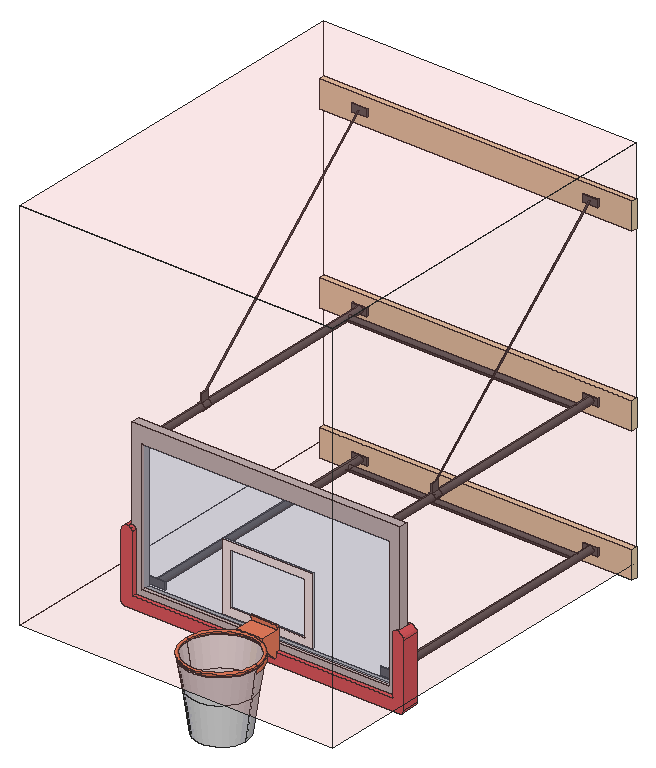
Revit family "Basketball_Backstop-Wall_Mount-Fold-IPIbyBison-IP12WF", category Specialty Equipment, Revit 2025
Family settings
  Round Connector Dimension = Use Diameter
  Part Type = Normal
  OmniClass Number = 23.40.50.34.14
  OmniClass Title = Gymnasium Equipment
  Work Plane-Based = Yes
  Enable Cutting in Views = No
  Always vertical = No
  Cut with Voids When Loaded = No
  Maintain Annotation Orientation = No
  Shared = No
  Room Calculation Point = No
Parameters (values of type "Wall Mounted Fold Up")
  wall distance text = "4 to 10 ft from Wall"
  Wall Plate Material = Wood - IPI by Bison
  Unit Width = 7' - 0"
  Unit Height [instance] = Stringer Height_First + 0' 2"  # 10' - 0"
  Unit Depth = 2' - 8"
  URL = "https://ipibybison.com/"
  Stringer Wood [instance] = Wood - IPI by Bison
  Stringer Height_Third [instance] = 4' - 0"
  Stringer Height_Second [instance] = 3' - 0"
  Stringer Height_First [instance] = 9' - 10"
  Specification = "https://www.arcat.com/company/ipi-by-bison-38554/spec"
  Rim Color [instance] = Plastic - IPI by Bison - Orange OR
  Range of Wall Distance [instance] = wall distance text  # "4 to 10 ft from Wall"
  Product Page URL = "https://www.arcat.com/arcatcos/cos38/arc38554.html"
  Net Color [instance] = Finish - IPI by Bison - White Netting
  Model = "IP12WF"
  Manufacturer = "IPI by Bison"
  Keynote = "11 66 00"
  Glass [instance] = Glass - IPI by Bison
  Frame Finish [instance] = Finish - IPI by Bison - Black
  Folding Clearance [instance] = ARCAT Clearance
  Description = "Basketball Frame and Backboard, Wall Mount"
  Default Elevation = 0' - 0"
  Copyright = "© 2023 ARCAT"  # constant formula
  Clearance Visible [instance] = yes
  CAD Details = "https://www.arcat.com/company/ipi-by-bison-38554/cad"
  Backboard Square Color [instance] = Finish - IPI by Bison - White
  Backboard Padding Color [instance] = Plastic - IPI by Bison - Scarlet SC
  Backboard Distance from Wall [instance] = 6' - 0"
  Backboard Color [instance] = Finish - IPI by Bison - Satin Aluminum
  Assembly Code = ""
Reference planes (in)
  plane 1 "Center (Front/Back)": y = 0
  plane 2 "Bottom": z = 0
  plane 3 "Center (Left/Right)": x = 0
  plane 4 "Left": x = -42
  plane 5 "Right": x = 42
  plane 6 "Top": z = 120
  plane 7: y = -72
  plane 8: y = -59.5813
  plane 9: z = 118
  plane 10: z = 154
  plane 11: z = 202
  plane 12: x = -31.00488
  plane 13: x = 31.00488
  plane 14: y = -69.5
  plane 15: y = -54
Forms (in)
  Extrusion 1, solid, material "Wood - IPI by Bison" <- "Stringer Wood"
    sketch origin (0, 0, 0) x (0, 1, 0) y (0, 0, 1)
      loop
        line (0, 198.375) -> (0, 205.625) -> (-1.5, 205.625) -> (-1.5, 198.375) -> (0, 198.375)
      loop
        line (0, 150.375) -> (0, 157.625) -> (-1.5, 157.625) -> (-1.5, 150.375) -> (0, 150.375)
      loop
        line (0, 114.375) -> (0, 121.625) -> (-1.5, 121.625) -> (-1.5, 114.375) -> (0, 114.375)
    from -42 to 42
  Extrusion 2, solid, material "Finish - IPI by Bison - Black" <- "Frame Finish"
    sketch origin (-31.00488, -180, 220.71867) x (0, 0, 1) y (0, -1, 0)
      loop
        line (-67.71867, -110.25) -> (-67.71867, -110.5) -> (-65.71867, -110.5) -> (-65.71867, -110.25) -> (-67.71867, -110.25)
      loop
        line (-101.71867, -110.25) -> (-103.71867, -110.25) -> (-103.71867, -110.5) -> (-101.71867, -110.5) -> (-101.71867, -110.25)
      loop
        line (-67.71867, -178.5) -> (-65.71867, -178.5) -> (-65.71867, -178.25) -> (-67.71867, -178.25) -> (-67.71867, -178.5)
      loop
        line (-103.71867, -178.5) -> (-101.71867, -178.5) -> (-101.71867, -178.25) -> (-103.71867, -178.25) -> (-103.71867, -178.5)
      loop
        line (-19.71867, -178.5) -> (-17.71867, -178.5) -> (-17.71867, -178.25) -> (-19.71867, -178.25) -> (-19.71867, -178.5)
    from 2 to -2
  Extrusion 3, solid, material "Finish - IPI by Bison - Black" <- "Frame Finish"
    sketch origin (31.00488, -180, 220.71867) x (0, 0, 1) y (0, -1, 0)
      loop
        line (-65.71867, -110.25) -> (-67.71867, -110.25) -> (-67.71867, -110.5) -> (-65.71867, -110.5) -> (-65.71867, -110.25)
      loop
        line (-103.71867, -110.25) -> (-103.71867, -110.5) -> (-101.71867, -110.5) -> (-101.71867, -110.25) -> (-103.71867, -110.25)
      loop
        line (-103.71867, -178.25) -> (-103.71867, -178.5) -> (-101.71867, -178.5) -> (-101.71867, -178.25) -> (-103.71867, -178.25)
      loop
        line (-67.71867, -178.25) -> (-67.71867, -178.5) -> (-65.71867, -178.5) -> (-65.71867, -178.25) -> (-67.71867, -178.25)
      loop
        line (-19.71867, -178.25) -> (-19.71867, -178.5) -> (-17.71867, -178.5) -> (-17.71867, -178.25) -> (-19.71867, -178.25)
    from 2 to -2
  Extrusion 4, solid, material "Finish - IPI by Bison - Black" <- "Frame Finish"
    sketch origin (31.00488, -1.75, 143) x (0, 0, 1) y (-1, 0, 0)
      loop
        circle (11, 62.00977) r 0.875
      loop
        circle (-25, 62.00977) r 0.875
      loop
        circle (11, 0) r 0.875
      loop
        circle (-25, 0) r 0.875
    from 0 to 67.75
  Extrusion 5, solid, material "Finish - IPI by Bison - Black" <- "Frame Finish"
    sketch origin (0, -54, 159.04229) x (0, 0, 1) y (1, 0, 0)
      loop
        line (-4.05404, 30.85203) -> (-1.80404, 30.85203) -> (-1.80404, 31.15773) -> (-4.05404, 31.15773)
        arc (-4.05404, 31.15773) -> (-6.04229, 31.00488) -> (-4.05404, 30.85203) r 1
      loop
        arc (-4.05404, -30.85203) -> (-6.04229, -31.00488) -> (-4.05404, -31.15773) r 1
        line (-4.05404, -31.15773) -> (-1.80404, -31.15773) -> (-1.80404, -30.85203) -> (-4.05404, -30.85203)
    from 1 to -1
  Sweep 6, solid, material "Finish - IPI by Bison - Black" <- "Frame Finish"
    path origin (0, 0, 0) x (0, 1, 0) y (0, 0, 1)
      loop
        line (-54, 156.75) -> (-2.09969, 202)
    profile origin (0, -28.04984, 179.375) x (0, -0.657165, 0.753747) y (1, 0, 0)
      loop
        circle (0, -31.00488) r 0.125
      loop
        circle (0, 31.00488) r 0.125
  Extrusion 7, solid, material "ARCAT Clearance" <- "Folding Clearance", visible <- "Clearance Visible"
    sketch origin (0, 0, 0) x (0, 1, 0) y (0, 0, 1)
      loop
        line (-102, 118) -> (0, 118) -> (0, 219) -> (-102, 219) -> (-102, 118)
    from -42 to 42
  Extrusion 8, solid, material "Finish - IPI by Bison - Black" <- "Frame Finish"
    sketch origin (0, 0, 0) x (0, 1, 0) y (0, 0, 1)
      loop
        circle (-6, 154) r 0.75
      loop
        circle (-6, 118) r 0.75
    from -31.00488 to 31.00488
Dimensions and locks (in)
  equal spacing: plane 4 "Left", plane 3 "Center (Left/Right)", plane 5 "Right"
  "Unit Width": plane 4 "Left" to plane 5 "Right"
  "Unit Height": plane 6 "Top" to level
  locked: plane 7 to plane 8 at 12.4187
  "Backboard Distance from Wall": plane 7 to plane 1 "Center (Front/Back)"
  "Stringer Height_First": plane 9 to level
  "Stringer Height_Second": plane 10 to plane 9
  "Stringer Height_Third": plane 11 to plane 10
  Extrusion 1 sketch curve to plane 9 to Extrusion 1 sketch curve = 0' - 3 5/8" locked, 0' - 3 5/8" locked
  Extrusion 1 sketch curve to plane 10 to Extrusion 1 sketch curve = 0' - 3 5/8" locked, 0' - 3 5/8" locked
  Extrusion 1 sketch curve to plane 11 to Extrusion 1 sketch curve = 0' - 3 5/8" locked, 0' - 3 5/8" locked
  Extrusion 2 sketch curve to plane 10 to Extrusion 2 sketch curve = 0' - 1" locked, 0' - 1" locked  (x2)
  plane 7 to Extrusion 2 sketch curve to Extrusion 2 sketch curve = 0' - 2 1/4" locked, 0' - 0 1/4" locked  (x2)
  Extrusion 2 sketch curve to plane 9 to Extrusion 2 sketch curve = 0' - 1" locked, 0' - 1" locked  (x2)
  Extrusion 2 sketch curve to plane 11 to Extrusion 2 sketch curve = 0' - 1" locked, 0' - 1" locked
  equal spacing: plane 13, plane 3 "Center (Left/Right)", plane 12
  locked: plane 13 to plane 12 at 62.00977
  locked: Extrusion 3 sketch curve to Extrusion 3 sketch curve at 0.25  (x5)
  Extrusion 3 sketch curve to plane 10 to Extrusion 3 sketch curve = 0' - 1" locked, 0' - 1" locked  (x2)
  Extrusion 3 sketch curve to plane 9 to Extrusion 3 sketch curve = 0' - 1" locked, 0' - 1" locked  (x2)
  locked: plane 7 to Extrusion 3 sketch curve at 2.25  (x2)
  Extrusion 3 sketch curve to plane 11 to Extrusion 3 sketch curve = 0' - 1" locked, 0' - 1" locked
  locked: Extrusion 4 sketch curve to plane 12
  locked: Extrusion 4 sketch curve to plane 10
  locked: plane 12 to Extrusion 4 sketch curve
  locked: plane 9 to Extrusion 4 sketch curve  (x2)
  locked: plane 13 to Extrusion 4 sketch curve
  locked: Extrusion 4 sketch curve to plane 13
  locked: plane 10 to Extrusion 4 sketch curve
  locked: plane 7 to plane 14 at 2.5
  locked: plane 7 to plane 15 at 18
  Extrusion 5 sketch curve to plane 13 to Extrusion 5 sketch curve to Extrusion 5 sketch curve = 0' - 0.15285" locked, 0' - 0" locked, 0' - 0.15285" locked
  Extrusion 5 sketch curve to plane 12 to Extrusion 5 sketch curve to Extrusion 5 sketch curve = 0' - 0.15285" locked, 0' - 0" locked, 0' - 0.15285" locked
  Extrusion 5 sketch curve to plane 10 to Extrusion 5 sketch curve = 0' - 3.23825" locked, 0' - 0" locked  (x2)
  locked: Sweep 6 sketch curve to plane 1 "Center (Front/Back)" at 2.09969
  locked: plane 11 to Sweep 6 sketch curve at 0
  locked: Sweep 6 sketch curve to plane 10 at 2.75
  locked: plane 15 to Sweep 6 sketch curve
  locked: Extrusion 3 sketch curve to plane 1 "Center (Front/Back)" at 1.5
  locked: Extrusion 7 sketch curve to plane 11 at 17
  locked: Extrusion 7 sketch curve to plane 7 at 30
  locked: Extrusion 8 sketch curve to plane 1 "Center (Front/Back)" at 6  (x2)
  locked: plane 10 to Extrusion 8 sketch curve at 0
  locked: plane 9 to Extrusion 8 sketch curve at 0
  aligned and locked: nested 1 to plane 8
  aligned and locked: Extrusion 1 to plane 4 "Left"
  aligned and locked: plane 5 "Right" to Extrusion 1
  aligned and locked: plane 14 to Extrusion 4
  aligned and locked: Extrusion 7 sketch curve to plane 9
  aligned and locked: plane 5 "Right" to Extrusion 7
  aligned and locked: Extrusion 7 to plane 4 "Left"
  aligned and locked: plane 13 to Extrusion 8
  aligned and locked: Extrusion 8 to plane 12
Automatic sketch dimensions
  Extrusion 5 sketch curve to Extrusion 5 sketch curve = 0' - 2 1/4"  (x2)
  Sweep 6 sketch curve to profile plane = 0' - 0"  (x2)
  Sweep 6 sketch curve to plane 3 "Center (Left/Right)" = 2' - 7.00488"
  plane 3 "Center (Left/Right)" to Sweep 6 sketch curve = 2' - 7.00488"
  Extrusion 1 sketch curve to plane 1 "Center (Front/Back)" = 0' - 0"  (x3)
  plane 1 "Center (Front/Back)" to Extrusion 1 sketch curve = 0' - 1 1/2"  (x3)
  plane 1 "Center (Front/Back)" to Extrusion 2 sketch curve = 0' - 1 3/4"  (x3)
  Extrusion 2 sketch curve to Extrusion 2 sketch curve = 0' - 0 1/4"  (x3)
  plane 1 "Center (Front/Back)" to Extrusion 3 sketch curve = 0' - 1 1/2"  (x2)
  Extrusion 7 sketch curve to plane 1 "Center (Front/Back)" = 0' - 0"
  radius of Sweep 6 sketch curve = 0' - 0 1/8"  (x2)
  radius of Extrusion 8 sketch curve = 0' - 0 3/4"  (x2)
  radius of Extrusion 4 sketch curve = 0' - 0 7/8"  (x4)
Nested families (in)
  nested 1: "Backboard_BA42XLGlass" at (0, -59.5813, 120) x (-1, 0, 0) z (0, 0, 1), backboard color <- "Backboard Color", backboard square color <- "Backboard Square Color", glass <- "Glass", rim finish <- "Rim Color", net color <- "Net Color", height offset <- "Unit Height", padding color <- "Backboard Padding Color", type "Backboard_BA42XLGlass"
    with rim finish Plastic - IPI by Bison - Orange OR, padding color Plastic - IPI by Bison - Scarlet SC, net color Finish - IPI by Bison - White Netting, height offset 10' - 0", glass Glass - IPI by Bison, frame finish none, backboard square color Finish - IPI by Bison - White, backboard color Finish - IPI by Bison - Satin Aluminum
Definition of nested family "Backboard_BA42XLGlass"
  Parameters (values of type "Backboard_BA42XLGlass")
    padding color [instance] = none
    net color [instance] = none
    rim finish [instance] = none
    height offset [instance] = 9' - 6"
    glass [instance] = none
    frame finish [instance] = none
    backboard square color [instance] = none
    backboard color [instance] = none
    Default Elevation = 4' - 0"
  Reference planes (in)
    plane 1 "Center (Front/Back)": y = 0
    plane 2: z = 0
    plane 3 "Center (Left/Right)": x = 0
    plane 4: z = -114
  Forms (in)
    Extrusion 1, solid, material <- "backboard color"
      sketch origin (-8.43545, 11.2937, 28.94441) x (1, 0, 0) y (0, 0, 1)
        loop
          line (-27.56455, 6.99989) -> (-27.56455, -35.00011) -> (44.43545, -35.00011) -> (44.43545, 6.99989) -> (-27.56455, 6.99989)
        loop
          line (41.81045, 2.74989) -> (-24.93955, 2.74989) -> (-24.93955, -32.37511) -> (41.81045, -32.37511) -> (41.81045, 2.74989)
      from 1.125 to -1.125
    Extrusion 2, solid, material <- "padding color"
      sketch origin (-8.43545, 11.2937, 29.06941) x (1, 0, 0) y (0, 0, 1)
        loop
          line (-27.55038, -17.62511) -> (-27.80038, -17.62511)
          arc (-27.80038, -17.62511) -> (-29.03781, -18.13767) -> (-29.55038, -19.37511) r 1.75
          line (-29.55038, -19.37511) -> (-29.55038, -36.12511)
          arc (-29.55038, -36.12511) -> (-29.25748, -36.83222) -> (-28.55038, -37.12511) r 1
          line (-28.55038, -37.12511) -> (45.44962, -37.12511)
          arc (45.44962, -37.12511) -> (46.15673, -36.83222) -> (46.44962, -36.12511) r 1
          line (46.44962, -36.12511) -> (46.44962, -19.37511)
          arc (46.44962, -19.37511) -> (45.93706, -18.13767) -> (44.69962, -17.62511) r 1.75
          line (44.69962, -17.62511) -> (44.42127, -17.62511)
          arc (44.42127, -17.62511) -> (43.71416, -17.918) -> (43.42127, -18.62511) r 1
          line (43.42127, -18.62511) -> (43.42127, -33.98376) -> (-26.55038, -33.98376) -> (-26.55038, -18.62511)
          arc (-26.55038, -18.62511) -> (-26.84327, -17.918) -> (-27.55038, -17.62511) r 1
      from -2.18697 to 2.14819
    Revolve 3, solid, material <- "net color"
      sketch origin (-8.43545, 27.4812, 28.93687) x (1, 0, 0) y (0, 0, 1)
        loop
          circle (-0.85808, -29.24642) r 0.3125
        loop
          line (-1.03195, -29.9762) -> (0.27041, -37.36226) -> (1.80132, -48.25521) -> (2.05377, -48.25521) -> (0.51737, -37.32314) -> (-0.77809, -29.9762) -> (-1.03195, -29.9762)
        axis (8.43545, -48.25521) -> (8.43545, -29.24642)
      angle from 0 to 360
    Revolve 4, solid, material <- "rim finish"
      sketch origin (0.02792, 11.2937, 0) x (0, 1, 0) y (0, 0, 1)
        loop
          line (6.79001, -0.625) -> (6.54001, -0.625) -> (6.54001, -2.125) -> (6.79001, -2.125) -> (6.79001, -0.625)
        axis (16.04001, -2.125) -> (16.04001, -0.625)
      angle from -90 to 90
    Extrusion 5, solid, material <- "rim finish"
      sketch origin (0, 0, 0) x (0, 1, 0) y (0, 0, 1)
        loop
          line (17.69724, 0) -> (12.8212, 0) -> (13.12361, 1.21287) -> (12.79369, 1.29513) -> (12.47078, 0) -> (12.47078, -6.5) -> (13.63137, -6.5) -> (17.69724, -2.43414) -> (17.69724, 0)
      from -3.50075 to 3.49925
    Extrusion 6, solid, material <- "backboard square color"
      sketch origin (0.02792, 11.2937, 0) x (1, 0, 0) y (0, 0, 1)
        loop
          line (-12.02792, 16.0023) -> (-12.02792, -1.9977) -> (11.97208, -1.9977) -> (11.97208, 16.0023) -> (-12.02792, 16.0023)
        loop
          line (-10.02792, 14.0023) -> (-10.02792, 0) -> (9.97208, 0) -> (9.97208, 14.0023) -> (-10.02792, 14.0023)
      from -0.44333 to 0.05679
    Extrusion 7, solid, material <- "glass"
      sketch origin (0.02792, 11.2937, 0) x (1, 0, 0) y (0, 0, 1)
        loop
          line (-33.40292, 31.6943) -> (-33.40292, -3.4307) -> (33.34708, -3.4307) -> (33.34708, 31.6943) -> (-33.40292, 31.6943)
      from -0.405 to 0
  Lines and regions (in)
    model lines
      curve 1: line (-0.00075, 0, 0) -> (-0.00075, 0, -114)
  Dimensions and locks (in)
    "height offset": level to plane 4
    aligned and locked: plane 2 to level
    aligned and locked: plane 4 to curve 1
  Automatic sketch dimensions
    curve 1 to level = 0' - 0"
    curve 1 to plane 3 "Center (Left/Right)" = 0' - 0.00075"
    Extrusion 1 sketch curve to plane 3 "Center (Left/Right)" = 3' - 0"
    Extrusion 1 sketch curve to Extrusion 1 sketch curve = 0' - 2 5/8"  (x2)
    plane 3 "Center (Left/Right)" to Extrusion 1 sketch curve = 2' - 9 3/8"
    Extrusion 1 sketch curve to level = 0' - 6.0557"
    Extrusion 1 sketch curve to level = 0' - 3.4307"
    level to Extrusion 1 sketch curve = 2' - 7.6943"
    Extrusion 1 sketch curve to Extrusion 1 sketch curve = 0' - 4 1/4"
    level to Extrusion 2 sketch curve = 0' - 9.6943"
    Extrusion 2 sketch curve to plane 3 "Center (Left/Right)" = 3' - 1.98582"
    Extrusion 2 sketch curve to Extrusion 2 sketch curve = 0' - 1"  (x4)
    Extrusion 2 sketch curve to Extrusion 2 sketch curve = 0' - 1 3/4"
    Extrusion 2 sketch curve to Extrusion 2 sketch curve = 0' - 0 1/4"
    level to Extrusion 2 sketch curve = 0' - 10.4443"
    plane 3 "Center (Left/Right)" to Extrusion 2 sketch curve = 2' - 10.98582"
    Extrusion 2 sketch curve to Extrusion 2 sketch curve = 0' - 0.27835"
    Extrusion 2 sketch curve to Extrusion 2 sketch curve = 0' - 2.02835"
    Extrusion 2 sketch curve to level = 0' - 4.91435"
    Extrusion 2 sketch curve to Extrusion 2 sketch curve = 0' - 2.14135"
    Revolve 3 sketch curve to plane 3 "Center (Left/Right)" = 0' - 0"
    Revolve 3 sketch curve to plane 3 "Center (Left/Right)" = 0' - 6.38167"
    Revolve 3 sketch curve to Revolve 3 sketch curve = 0' - 0.25246"
    Revolve 3 sketch curve to plane 3 "Center (Left/Right)" = 0' - 7.91808"
    Revolve 3 sketch curve to Revolve 3 sketch curve = 0' - 0.24696"
    Revolve 3 sketch curve to level = 0' - 1.03933"
    Revolve 3 sketch curve to Revolve 3 sketch curve = 0' - 1.0485"
    Revolve 3 sketch curve to level = 0' - 0.30954"
    Revolve 3 sketch curve to Revolve 3 sketch curve = 0' - 0.07999"
    Revolve 3 sketch curve to Revolve 3 sketch curve = 0' - 0.25386"
    Revolve 3 sketch curve to Revolve 3 sketch curve = 0' - 7.34694"
    Revolve 3 sketch curve to Revolve 3 sketch curve = 0' - 0.03911"
    Revolve 3 sketch curve to Revolve 3 sketch curve = 0' - 10.89295"
    Revolve 3 sketch curve to level = 0' - 0.00754"
    level to Revolve 3 sketch curve = 0' - 2.99246"
    Revolve 4 sketch curve to level = 0' - 2 1/8"
    Revolve 4 sketch curve to plane 1 "Center (Front/Back)" = 1' - 5.83371"
    Revolve 4 sketch curve to Revolve 4 sketch curve = 0' - 0 1/4"
    Revolve 4 sketch curve to level = 0' - 0 5/8"  (x2)
    Revolve 4 sketch curve to Revolve 4 sketch curve = 0' - 9 1/4"
    level to Revolve 4 sketch curve = 0' - 3 1/8"
    Extrusion 5 sketch curve to level = 0' - 0"  (x2)
    Extrusion 5 sketch curve to plane 1 "Center (Front/Back)" = 1' - 0.47078"
    level to Extrusion 5 sketch curve = 0' - 1.29513"
    Extrusion 5 sketch curve to Extrusion 5 sketch curve = 0' - 0.32291"
    Extrusion 5 sketch curve to Extrusion 5 sketch curve = 0' - 0.35043"
    Extrusion 5 sketch curve to Extrusion 5 sketch curve = 0' - 1.16059"
    Extrusion 5 sketch curve to Extrusion 5 sketch curve = 0' - 4.57363"
    Extrusion 5 sketch curve to Extrusion 5 sketch curve = 0' - 2.43414"
    Extrusion 5 sketch curve to Extrusion 5 sketch curve = 0' - 6 1/2"
    Extrusion 6 sketch curve to level = 0' - 0"
    Extrusion 6 sketch curve to level = 0' - 1.9977"
    Extrusion 6 sketch curve to plane 3 "Center (Left/Right)" = 1' - 0"
    Extrusion 6 sketch curve to Extrusion 6 sketch curve = 0' - 2"  (x3)
    plane 3 "Center (Left/Right)" to Extrusion 6 sketch curve = 0' - 10"
    Extrusion 6 sketch curve to Extrusion 6 sketch curve = 1' - 2.0023"
    Extrusion 7 sketch curve to plane 3 "Center (Left/Right)" = 2' - 9 3/8"
    Extrusion 7 sketch curve to level = 0' - 3.4307"
    plane 3 "Center (Left/Right)" to Extrusion 7 sketch curve = 2' - 9 3/8"
    level to Extrusion 7 sketch curve = 2' - 7.6943"
    radius of Revolve 3 sketch curve = 0' - 0 5/16"
